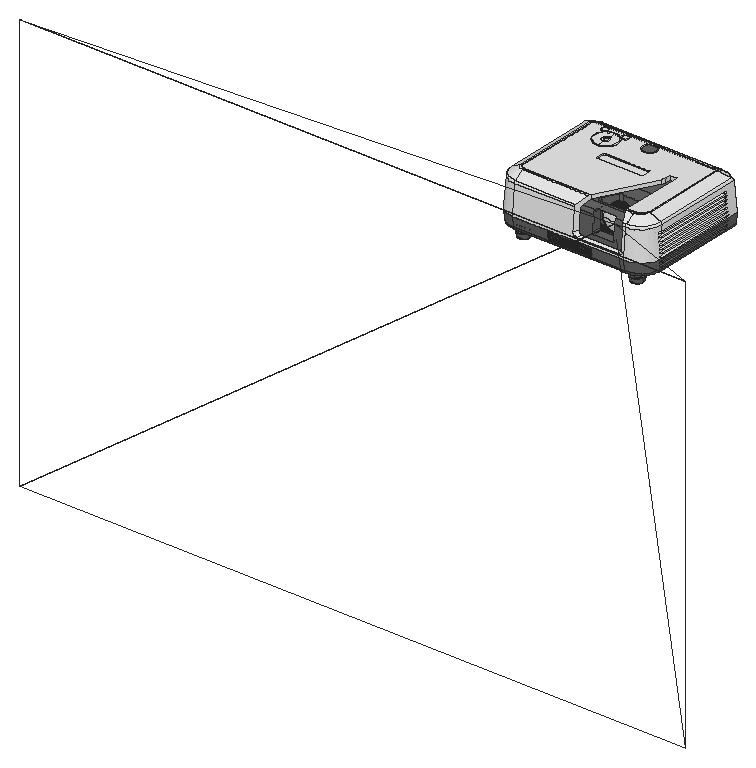
Revit family "Electronics_Visual Electronics_ViewSonic_LS700-HD-4K_Projector", category Electrical Equipment, Revit 2017 (continued)
Definition of nested family "Electronics_Visual Electronics_ViewSonic_LS700-4K_Projector"
  Forms (mm)
    Extrusion 2, void
      sketch origin (0, 0, 0) x (0, 1, 0) y (0, 0, 1)
        loop
          arc (110.125, 42.5) -> (113.125, 45.5) -> (110.125, 48.5) r 3
          line (110.125, 48.5) -> (-109.875, 48.5)
        loop
          arc (-109.875, 40.5) -> (-112.875, 37.5) -> (-109.875, 34.5) r 3
          line (-109.875, 34.5) -> (110.125, 34.5)
          arc (110.125, 34.5) -> (113.125, 37.5) -> (110.125, 40.5) r 3
          line (110.125, 40.5) -> (-109.875, 40.5)
      from -248.129 to 250
    Extrusion 3, solid, material <- "Covering Color", detail levels fine
      sketch origin (0, 0, 0) x (1, 0, 0) y (0, 1, 0)
        loop
          arc (98.91, 18.655) -> (100.815, 23.723) -> (101.463, 29.098) r 22.638
          line (101.463, 29.098) -> (101.463, 41.46)
          arc (101.463, 41.46) -> (101.756, 42.167) -> (102.463, 42.46) r 1
          line (102.463, 42.46) -> (118.47, 42.46)
          arc (118.47, 42.46) -> (119.177, 42.167) -> (119.47, 41.46) r 1
          line (119.47, 41.46) -> (119.47, -121.05) -> (141.941, -121.05)
          arc (141.941, -121.05) -> (156.342, -115.085) -> (162.307, -100.684) r 20.367
          line (162.307, -100.684) -> (162.307, 117.271) -> (156.348, 120.575) -> (-156.348, 120.575) -> (-162.307, 117.271) -> (-162.307, -106.684)
          arc (-162.307, -106.684) -> (-158.099, -116.842) -> (-147.941, -121.05) r 14.367
          line (-147.941, -121.05) -> (26.274, -121.05) -> (98.91, 18.655)
      from 146.4 to 156.786
    SweptBlend 4, void
      path origin (0, 0, 0) x (1, 0, 0) y (0, 1, 0)
        loop
          line (71.75, -119.085) -> (71.75, -164.085)
      profile origin (71.75, -119.085, 0) x (1, 0, 0) y (0, 0, 1)
        loop
          line (-44.226, 163.857) -> (-44.226, 87.188)
          arc (-44.226, 87.188) -> (-42.761, 83.652) -> (-39.226, 82.188) r 5
          line (-39.226, 82.188) -> (41.788, 82.188)
          arc (41.788, 82.188) -> (45.323, 83.652) -> (46.788, 87.188) r 5
          line (46.788, 87.188) -> (46.788, 163.857) -> (-44.226, 163.857)
      end profile origin (71.75, -164.085, 0) x (1, 0, 0) y (0, 0, 1)
        loop
          line (-44.055, 174.063) -> (-65.704, 148.262)
          arc (-65.704, 148.262) -> (-68.794, 142.801) -> (-69.721, 136.595) r 17.216
          line (-69.721, 136.595) -> (-67.635, 76.839)
          arc (-67.635, 76.839) -> (-64.587, 69.994) -> (-57.641, 67.188) r 10
          line (-57.641, 67.188) -> (58.146, 67.188)
          arc (58.146, 67.188) -> (65.217, 70.117) -> (68.146, 77.188) r 10
          line (68.146, 77.188) -> (68.146, 174.063) -> (-44.055, 174.063)
    Extrusion 5, solid, detail levels medium+fine
      sketch origin (0, 0, 0) x (0, 1, 0) y (0, 0, 1)
        loop
          arc (-137.524, 136.889) -> (-141.481, 133.068) -> (-143.181, 127.836) r 11.369
          line (-143.181, 127.836) -> (-147.861, 60.903) -> (-146.398, 39.972)
          arc (-146.398, 39.972) -> (-145.692, 37.801) -> (-144.051, 36.216) r 4.717
          line (-144.051, 36.216) -> (-129.691, 27.925) -> (118.95, 27.925) -> (118.95, 146.4) -> (-26.05, 146.4) -> (-121.05, 146.4) -> (-137.524, 136.889)
        loop
          line (-127.812, 60.903) -> (-73.41, 60.903) -> (-73.41, 126.441) -> (-123.23, 126.441) -> (-127.812, 60.903)
      from -153.533 to 148.354
    SweptBlend 6, void
      path origin (0, 0, 0) x (1, 0, 0) y (0, 1, 0)
        loop
          line (74.47, -110.372) -> (74.47, -160.372)
      profile origin (74.47, -110.372, 0) x (1, 0, 0) y (0, 0, 1)
        loop
          arc (-15.995, 136.838) -> (-19.53, 135.374) -> (-20.995, 131.838) r 5
          line (-20.995, 131.838) -> (-20.995, 91.838)
          arc (-20.995, 91.838) -> (-19.53, 88.302) -> (-15.995, 86.838) r 5
          line (-15.995, 86.838) -> (24.005, 86.838)
          arc (24.005, 86.838) -> (27.541, 88.302) -> (29.005, 91.838) r 5
          line (29.005, 91.838) -> (29.005, 131.838)
          arc (29.005, 131.838) -> (27.541, 135.374) -> (24.005, 136.838) r 5
          line (24.005, 136.838) -> (-15.995, 136.838)
      end profile origin (74.47, -160.372, 0) x (1, 0, 0) y (0, 0, 1)
        loop
          line (-21.348, 83.085) -> (28.652, 83.085)
          arc (28.652, 83.085) -> (32.187, 84.55) -> (33.652, 88.085) r 5
          line (33.652, 88.085) -> (33.652, 138.085)
          arc (33.652, 138.085) -> (32.187, 141.621) -> (28.652, 143.085) r 5
          line (28.652, 143.085) -> (-21.348, 143.085)
          arc (-21.348, 143.085) -> (-24.884, 141.621) -> (-26.348, 138.085) r 5
          line (-26.348, 138.085) -> (-26.348, 88.085)
          arc (-26.348, 88.085) -> (-24.884, 84.55) -> (-21.348, 83.085) r 5
    SweptBlend 7, void
      path origin (0, 0, 0) x (1, 0, 0) y (0, 0, 1)
        loop
          line (79, 81.872) -> (79, 158.609)
      profile origin (79, 0, 81.872) x (-1, 0, 0) y (0, -1, 0)
        loop
          arc (12.995, 73.41) -> (15.682, 74.193) -> (17.527, 76.297) r 5
          line (17.527, 76.297) -> (27.054, 96.729)
          arc (27.054, 96.729) -> (26.425, 106.328) -> (17.991, 110.955) r 10
          line (17.991, 110.955) -> (-20.409, 110.955)
          arc (-20.409, 110.955) -> (-23.945, 109.49) -> (-25.409, 105.955) r 5
          line (-25.409, 105.955) -> (-25.409, 78.41)
          arc (-25.409, 78.41) -> (-23.945, 74.874) -> (-20.409, 73.41) r 5
          line (-20.409, 73.41) -> (12.995, 73.41)
      end profile origin (79, 0, 158.609) x (-1, 0, 0) y (0, -1, 0)
        loop
          arc (13.651, 63.14) -> (18.355, 64.456) -> (21.693, 68.022) r 9.064
          line (21.693, 68.022) -> (41.6, 106.311)
          arc (41.6, 106.311) -> (41.366, 113.383) -> (35.2, 116.853) r 7.214
          line (35.2, 116.853) -> (-28.119, 116.853)
          arc (-28.119, 116.853) -> (-33.809, 114.496) -> (-36.165, 108.806) r 8.047
          line (-36.165, 108.806) -> (-36.165, 71.271)
          arc (-36.165, 71.271) -> (-33.784, 65.521) -> (-28.034, 63.14) r 8.132
          line (-28.034, 63.14) -> (13.651, 63.14)
    Revolve 8, solid, material <- "Covering Color", detail levels medium+fine
      sketch origin (-6096, -112.875, 111.797) x (0, 1, 0) y (-1, 0, 0)
        loop
          line (39.465, -6175) -> (-4.93, -6175)
          arc (-4.93, -6175) -> (-3.621, -6188.248) -> (0.257, -6200.982) r 67.662
          line (0.257, -6200.982) -> (1.817, -6200.982) -> (1.817, -6205.553) -> (2.783, -6205.22) -> (3.789, -6205.489) -> (4.791, -6205.202) -> (5.795, -6205.471) -> (6.786, -6205.187) -> (7.793, -6205.475) -> (8.788, -6205.19) -> (9.792, -6205.478) -> (10.788, -6205.193) -> (11.792, -6205.481) -> (12.789, -6205.195) -> (13.794, -6205.483) -> (14.79, -6205.197) -> (15.78, -6205.519) -> (16.777, -6205.156) -> (17.801, -6205.45) -> (18.784, -6205.186) -> (19.793, -6205.476) -> (20.837, -6205.196) -> (21.795, -6205.471) -> (22.792, -6205.204) -> (23.792, -6205.49) -> (24.89, -6205.196) -> (25.76, -6205.602) -> (26.798, -6205.224) -> (27.792, -6205.49) -> (28.803, -6205.122) -> (29.768, -6205.572) -> (30.791, -6205.2) -> (30.791, -6192.016) -> (39.465, -6192.016) -> (39.465, -6175)
        axis (-4.93, -6175) -> (39.465, -6175)
      angle from 0 to 360
    Extrusion 9, void
      sketch origin (0, 0, 0) x (1, 0, 0) y (0, 0, 1)
        loop
          circle (-56.003, 56.499) r 1.029
        loop
          circle (-52.003, 56.499) r 1.029
        loop
          circle (-48.003, 56.499) r 1.029
        loop
          circle (-44.003, 56.499) r 1.029
        loop
          circle (-40.003, 56.499) r 1.029
        loop
          circle (-36.003, 56.499) r 1.029
        loop
          circle (-32.003, 56.499) r 1.029
        loop
          circle (-28.003, 56.499) r 1.029
        loop
          circle (-24.003, 56.499) r 1.029
        loop
          circle (-20.003, 56.499) r 1.029
        loop
          circle (-16.003, 56.499) r 1.029
        loop
          circle (-12.003, 56.499) r 1.029
        loop
          circle (15.997, 56.499) r 1.029
        loop
          circle (19.997, 56.499) r 1.029
        loop
          circle (23.997, 56.499) r 1.029
        loop
          circle (27.997, 56.499) r 1.029
        loop
          circle (31.997, 56.499) r 1.029
        loop
          circle (35.997, 56.499) r 1.029
        loop
          circle (-8.003, 56.499) r 1.029
        loop
          circle (-4.003, 56.499) r 1.029
        loop
          circle (-0.003, 56.499) r 1.029
        loop
          circle (3.997, 56.499) r 1.029
        loop
          circle (7.997, 56.499) r 1.029
        loop
          circle (11.997, 56.499) r 1.029
        loop
          circle (39.997, 56.499) r 1.029
        loop
          circle (43.997, 56.499) r 1.029
        loop
          circle (47.997, 56.499) r 1.029
        loop
          circle (51.997, 56.499) r 1.029
        loop
          circle (55.997, 56.499) r 1.029
        loop
          circle (-56.003, 52.499) r 1.029
        loop
          circle (-52.003, 52.499) r 1.029
        loop
          circle (-48.003, 52.499) r 1.029
        loop
          circle (-44.003, 52.499) r 1.029
        loop
          circle (-40.003, 52.499) r 1.029
        loop
          circle (-36.003, 52.499) r 1.029
        loop
          circle (-32.003, 52.499) r 1.029
        loop
          circle (-28.003, 52.499) r 1.029
        loop
          circle (-24.003, 52.499) r 1.029
        loop
          circle (-20.003, 52.499) r 1.029
        loop
          circle (-16.003, 52.499) r 1.029
        loop
          circle (-12.003, 52.499) r 1.029
        loop
          circle (15.997, 52.499) r 1.029
        loop
          circle (19.997, 52.499) r 1.029
        loop
          circle (23.997, 52.499) r 1.029
        loop
          circle (27.997, 52.499) r 1.029
        loop
          circle (31.997, 52.499) r 1.029
        loop
          circle (35.997, 52.499) r 1.029
        loop
          circle (-8.003, 52.499) r 1.029
        loop
          circle (-4.003, 52.499) r 1.029
        loop
          circle (-0.003, 52.499) r 1.029
        loop
          circle (3.997, 52.499) r 1.029
        loop
          circle (7.997, 52.499) r 1.029
        loop
          circle (11.997, 52.499) r 1.029
        loop
          circle (39.997, 52.499) r 1.029
        loop
          circle (43.997, 52.499) r 1.029
        loop
          circle (47.997, 52.499) r 1.029
        loop
          circle (51.997, 52.499) r 1.029
        loop
          circle (55.997, 52.499) r 1.029
        loop
          circle (-56.003, 48.499) r 1.029
        loop
          circle (-52.003, 48.499) r 1.029
        loop
          circle (-48.003, 48.499) r 1.029
        loop
          circle (-44.003, 48.499) r 1.029
        loop
          circle (-40.003, 48.499) r 1.029
        loop
          circle (-36.003, 48.499) r 1.029
        loop
          circle (-32.003, 48.499) r 1.029
        loop
          circle (-28.003, 48.499) r 1.029
        loop
          circle (-24.003, 48.499) r 1.029
        loop
          circle (-20.003, 48.499) r 1.029
        loop
          circle (-16.003, 48.499) r 1.029
        loop
          circle (-12.003, 48.499) r 1.029
        loop
          circle (15.997, 48.499) r 1.029
        loop
          circle (19.997, 48.499) r 1.029
        loop
          circle (23.997, 48.499) r 1.029
        loop
          circle (27.997, 48.499) r 1.029
        loop
          circle (31.997, 48.499) r 1.029
        loop
          circle (35.997, 48.499) r 1.029
        loop
          circle (-8.003, 48.499) r 1.029
        loop
          circle (-4.003, 48.499) r 1.029
        loop
          circle (-0.003, 48.499) r 1.029
        loop
          circle (3.997, 48.499) r 1.029
        loop
          circle (7.997, 48.499) r 1.029
        loop
          circle (11.997, 48.499) r 1.029
        loop
          circle (39.997, 48.499) r 1.029
        loop
          circle (43.997, 48.499) r 1.029
        loop
          circle (47.997, 48.499) r 1.029
        loop
          circle (51.997, 48.499) r 1.029
        loop
          circle (55.997, 48.499) r 1.029
        loop
          circle (-56.003, 44.499) r 1.029
        loop
          circle (-52.003, 44.499) r 1.029
        loop
          circle (-48.003, 44.499) r 1.029
        loop
          circle (-44.003, 44.499) r 1.029
        loop
          circle (-40.003, 44.499) r 1.029
        loop
          circle (-36.003, 44.499) r 1.029
        loop
          circle (-32.003, 44.499) r 1.029
        loop
          circle (-28.003, 44.499) r 1.029
        loop
          circle (-24.003, 44.499) r 1.029
        loop
          circle (-20.003, 44.499) r 1.029
        loop
          circle (-16.003, 44.499) r 1.029
        loop
          circle (-12.003, 44.499) r 1.029
        loop
          circle (15.997, 44.499) r 1.029
        loop
          circle (19.997, 44.499) r 1.029
        loop
          circle (23.997, 44.499) r 1.029
        loop
          circle (27.997, 44.499) r 1.029
        loop
          circle (31.997, 44.499) r 1.029
        loop
          circle (35.997, 44.499) r 1.029
        loop
          circle (-8.003, 44.499) r 1.029
        loop
          circle (-4.003, 44.499) r 1.029
        loop
          circle (-0.003, 44.499) r 1.029
        loop
          circle (3.997, 44.499) r 1.029
        loop
          circle (7.997, 44.499) r 1.029
        loop
          circle (11.997, 44.499) r 1.029
        loop
          circle (39.997, 44.499) r 1.029
        loop
          circle (43.997, 44.499) r 1.029
        loop
          circle (47.997, 44.499) r 1.029
        loop
          circle (51.997, 44.499) r 1.029
        loop
          circle (55.997, 44.499) r 1.029
        loop
          circle (-56.003, 40.499) r 1.029
        loop
          circle (-52.003, 40.499) r 1.029
        loop
          circle (-48.003, 40.499) r 1.029
        loop
          circle (-44.003, 40.499) r 1.029
        loop
          circle (-40.003, 40.499) r 1.029
        loop
          circle (-36.003, 40.499) r 1.029
        loop
          circle (-32.003, 40.499) r 1.029
        loop
          circle (-28.003, 40.499) r 1.029
        loop
          circle (-24.003, 40.499) r 1.029
        loop
          circle (-20.003, 40.499) r 1.029
        loop
          circle (-16.003, 40.499) r 1.029
        loop
          circle (-12.003, 40.499) r 1.029
        loop
          circle (15.997, 40.499) r 1.029
        loop
          circle (19.997, 40.499) r 1.029
        loop
          circle (23.997, 40.499) r 1.029
        loop
          circle (27.997, 40.499) r 1.029
        loop
          circle (31.997, 40.499) r 1.029
        loop
          circle (35.997, 40.499) r 1.029
        loop
          circle (-8.003, 40.499) r 1.029
        loop
          circle (-4.003, 40.499) r 1.029
        loop
          circle (-0.003, 40.499) r 1.029
        loop
          circle (3.997, 40.499) r 1.029
        loop
          circle (7.997, 40.499) r 1.029
        loop
          circle (11.997, 40.499) r 1.029
        loop
          circle (39.997, 40.499) r 1.029
        loop
          circle (43.997, 40.499) r 1.029
        loop
          circle (47.997, 40.499) r 1.029
        loop
          circle (51.997, 40.499) r 1.029
        loop
          circle (55.997, 40.499) r 1.029
        loop
          circle (-56.003, 36.499) r 1.029
        loop
          circle (-52.003, 36.499) r 1.029
        loop
          circle (-48.003, 36.499) r 1.029
        loop
          circle (-44.003, 36.499) r 1.029
        loop
          circle (-40.003, 36.499) r 1.029
        loop
          circle (-36.003, 36.499) r 1.029
        loop
          circle (-32.003, 36.499) r 1.029
        loop
          circle (-28.003, 36.499) r 1.029
        loop
          circle (-24.003, 36.499) r 1.029
        loop
          circle (-20.003, 36.499) r 1.029
        loop
          circle (-16.003, 36.499) r 1.029
        loop
          circle (-12.003, 36.499) r 1.029
        loop
          circle (15.997, 36.499) r 1.029
        loop
          circle (19.997, 36.499) r 1.029
        loop
          circle (23.997, 36.499) r 1.029
        loop
          circle (27.997, 36.499) r 1.029
        loop
          circle (31.997, 36.499) r 1.029
        loop
          circle (35.997, 36.499) r 1.029
        loop
          circle (-8.003, 36.499) r 1.029
        loop
          circle (-4.003, 36.499) r 1.029
        loop
          circle (-0.003, 36.499) r 1.029
        loop
          circle (3.997, 36.499) r 1.029
        loop
          circle (7.997, 36.499) r 1.029
        loop
          circle (11.997, 36.499) r 1.029
        loop
          circle (39.997, 36.499) r 1.029
        loop
          circle (43.997, 36.499) r 1.029
        loop
          circle (47.997, 36.499) r 1.029
        loop
          circle (51.997, 36.499) r 1.029
        loop
          circle (55.997, 36.499) r 1.029
      from 21.709 to 192.423
    Extrusion 10, solid, detail levels fine
      sketch origin (0, 0, 0) x (1, 0, 0) y (0, 1, 0)
        loop
          line (170.948, -100.684) -> (170.948, 122.361) -> (158.583, 129.215) -> (-147.005, 129.215) -> (-158.583, 129.215) -> (-170.948, 122.361) -> (-170.948, -106.684)
          arc (-170.948, -106.684) -> (-164.209, -122.952) -> (-147.941, -129.691) r 23.007
          line (-147.941, -129.691) -> (141.941, -129.691)
          arc (141.941, -129.691) -> (162.452, -121.195) -> (170.948, -100.684) r 29.007
      from 17.525 to 27.925
    Extrusion 11, solid, material <- "Covering Color", detail levels fine
      sketch origin (0, 0, 0) x (0, 1, 0) y (0, 0, 1)
        loop
          line (157.41, 60.903) -> (152.178, 135.72)
          arc (152.178, 135.72) -> (151.308, 138.847) -> (149.282, 141.382) r 8.107
          spline (149.282, 141.382) -> (147.246, 142.639) -> (145.205, 143.885) -> (143.158, 145.122) -> (141.104, 146.349) -> (139.045, 147.566) -> (136.98, 148.774) -> (134.91, 149.971) -> (132.833, 151.158) -> (130.751, 152.335) -> (128.663, 153.503) -> (126.57, 154.66) -> (124.471, 155.807)
          arc (124.471, 155.807) -> (122.584, 156.541) -> (120.575, 156.786) r 8.146
          line (120.575, 156.786) -> (120.575, 17.525) -> (129.215, 17.525)
          arc (129.215, 17.525) -> (131.006, 17.702) -> (132.676, 18.373) r 6.347
          line (132.676, 18.373) -> (151.807, 29.452)
          arc (151.807, 29.452) -> (154.488, 32.046) -> (155.64, 35.595) r 7.721
          line (155.64, 35.595) -> (157.41, 60.903)
      from -147.005 to 147.005
    Extrusion 12, void
      sketch origin (0, 0, 0) x (1, 0, 0) y (0, 0, 1)
        loop
          line (147.005, 20.625) -> (147.005, 130.931)
          arc (147.005, 130.931) -> (145, 135.773) -> (140.158, 137.778) r 6.847
          line (140.158, 137.778) -> (-139.917, 137.778)
          arc (-139.917, 137.778) -> (-144.929, 135.702) -> (-147.005, 130.69) r 7.089
          line (-147.005, 130.69) -> (-147.005, 20.625) -> (147.005, 20.625)
      from -331.007 to -135.825
    Extrusion 13, solid, detail levels fine
      sketch origin (0, 0, 0) x (0, 1, 0) y (0, 0, 1)
        loop
          line (147.386, 60.903) -> (142.707, 127.815)
          arc (142.707, 127.815) -> (141.001, 133.065) -> (137.03, 136.9) r 11.41
          line (137.03, 136.9) -> (120.575, 146.4) -> (120.575, 27.925) -> (129.215, 27.925) -> (143.452, 36.169)
          arc (143.452, 36.169) -> (145.188, 37.849) -> (145.934, 40.147) r 5
          line (145.934, 40.147) -> (147.386, 60.903)
      from 147.005 to 162.307
    Extrusion 14, solid, detail levels fine
      sketch origin (0, 0, 0) x (0, 1, 0) y (0, 0, -1)
        loop
          line (147.386, -60.903) -> (145.934, -40.147)
          arc (145.934, -40.147) -> (145.188, -37.849) -> (143.452, -36.169) r 5
          line (143.452, -36.169) -> (129.215, -27.925) -> (120.575, -27.925) -> (120.575, -146.4) -> (137.03, -136.9)
          arc (137.03, -136.9) -> (141.001, -133.065) -> (142.707, -127.815) r 11.41
          line (142.707, -127.815) -> (147.386, -60.903)
      from 147.005 to 162.307
    Revolve 15, solid, detail levels fine
      sketch origin (-6096, -121.875, 13.244) x (0, 0, 1) y (-1, 0, 0)
        loop
          line (-13.244, -5948.021) -> (4.281, -5948.021) -> (4.281, -5940.021) -> (-1.744, -5940.021) -> (-1.744, -5931.899) -> (-2.576, -5931.067) -> (-11.519, -5932.007) -> (-12.244, -5932.733) -> (-12.244, -5934.121) -> (-13.244, -5934.121) -> (-13.244, -5948.021)
        axis (4.281, -5948.021) -> (-13.244, -5948.021)
      angle from 0 to 360
    Revolve 16, solid, detail levels fine
      sketch origin (6096, -121.875, 13.244) x (0, 0, 1) y (-1, 0, 0)
        loop
          line (-13.244, 5948.021) -> (-13.244, 5934.121) -> (-12.244, 5934.121) -> (-12.244, 5932.733) -> (-11.519, 5932.007) -> (-2.576, 5931.067) -> (-1.744, 5931.899) -> (-1.744, 5940.021) -> (4.281, 5940.021) -> (4.281, 5948.021) -> (-13.244, 5948.021)
        axis (4.281, 5948.021) -> (-13.244, 5948.021)
      angle from 0 to 360
    Revolve 17, solid, detail levels fine
      sketch origin (-6096, 118.236, 0) x (0, 0, 1) y (-1, 0, 0)
        loop
          line (17.525, -5969.418) -> (4.057, -5970.588) -> (4.057, -5971.894)
          arc (4.057, -5971.894) -> (1.202, -5976.078) -> (0, -5981) r 14.179
          line (0, -5981) -> (17.525, -5981) -> (17.525, -5969.418)
        axis (17.525, -5981) -> (0, -5981)
      angle from 0 to 360
    Revolve 18, solid, detail levels fine
      sketch origin (6096, 118.236, 0) x (0, 0, 1) y (-1, 0, 0)
        loop
          line (17.525, 5969.418) -> (17.525, 5981) -> (0, 5981)
          arc (0, 5981) -> (1.202, 5976.078) -> (4.057, 5971.894) r 14.179
          line (4.057, 5971.894) -> (4.057, 5970.588) -> (17.525, 5969.418)
        axis (17.525, 5981) -> (0, 5981)
      angle from 0 to 360
    Extrusion 19, void
      sketch origin (0, 0, 0) x (1, 0, 0) y (0, 1, 0)
        loop
          line (56.306, 31.628) -> (-56.686, 31.628)
          arc (-56.686, 31.628) -> (-59.727, 30.369) -> (-60.986, 27.328) r 4.3
          line (-60.986, 27.328) -> (-60.986, 9.58)
          arc (-60.986, 9.58) -> (-59.727, 6.539) -> (-56.686, 5.28) r 4.3
          line (-56.686, 5.28) -> (56.306, 5.28)
          arc (56.306, 5.28) -> (59.346, 6.539) -> (60.606, 9.58) r 4.3
          line (60.606, 9.58) -> (60.606, 27.328)
          arc (60.606, 27.328) -> (59.346, 30.369) -> (56.306, 31.628) r 4.3
      from 154.402 to 250
    Extrusion 20, void
      sketch origin (0, 0, 0) x (1, 0, 0) y (0, 1, 0)
        loop
          circle (-95, 78.625) r 30.75
        loop
          circle (-122, 109.479) r 9
        loop
          circle (-68, 109.479) r 9
        loop
          arc (18.173, 102.625) -> (16.446, 111.42) -> (10.731, 118.325) r 18.2
          line (10.731, 118.325) -> (-10.731, 118.325)
          arc (-10.731, 118.325) -> (-16.446, 111.42) -> (-18.172, 102.625) r 18.2
          arc (-18.172, 102.625) -> (0, 85.425) -> (18.173, 102.625) r 18.2
      from 141.382 to 250
    Revolve 21, solid, material <- "Covering Color", detail levels fine
      sketch origin (-94.6, 74.556, 1200) x (0, -1, 0) y (0, 0, 1)
        loop
          line (-4.618, -1043.214) -> (-4.618, -1058.618) -> (25.432, -1058.618) -> (25.432, -1044.116)
          arc (25.432, -1044.116) -> (25.126, -1043.397) -> (24.397, -1043.117) r 1
          line (24.397, -1043.117) -> (5.772, -1043.767) -> (5.772, -1045.472) -> (3.692, -1045.472) -> (3.692, -1044.014)
          arc (3.692, -1044.014) -> (3.458, -1043.448) -> (2.892, -1043.214) r 0.8
          line (2.892, -1043.214) -> (-4.618, -1043.214)
        axis (-4.618, -1058.618) -> (-4.618, -1043.117)
      angle from 0 to 360
    Extrusion 22, solid, material <- "Covering Color", detail levels fine
      sketch origin (0, 0, 0) x (1, 0, 0) y (0, 1, 0)
        loop
          circle (-68, 109.479) r 8
        loop
          circle (-122, 109.479) r 8
      from 149.829 to 156.786
    Extrusion 23, solid, detail levels fine
      sketch origin (0, 0, 0) x (1, 0, 0) y (0, 1, 0)
        loop
          arc (-17.174, 102.68) -> (0, 86.425) -> (17.174, 102.68) r 17.2
          arc (17.174, 102.68) -> (15.611, 110.846) -> (10.4, 117.325) r 17.2
          line (10.4, 117.325) -> (-10.399, 117.325)
          arc (-10.399, 117.325) -> (-15.611, 110.846) -> (-17.174, 102.68) r 17.2
      from 141.382 to 156.786
    Sweep 24, solid, material <- "Covering Color", detail levels medium
      path origin (0, 0, 0) x (1, 0, 0) y (0, 1, 0)
        loop
          line (147.005, 130.208) -> (158.839, 130.208) -> (171.941, 122.946) -> (171.941, -100.684)
          arc (171.941, -100.684) -> (163.154, -121.897) -> (141.941, -130.684) r 30
          line (141.941, -130.684) -> (-147.941, -130.684)
          arc (-147.941, -130.684) -> (-164.911, -123.654) -> (-171.941, -106.684) r 24
          line (-171.941, -106.684) -> (-171.941, 122.946) -> (-158.839, 130.208) -> (-147.005, 130.208)
      profile origin (-171.941, 122.946, 0) x (-1, 0, 0) y (0, 0, 1)
        loop
          line (-7.548, 156.786) -> (-9.633, 156.786) -> (-9.633, 146.4) -> (12.076, 133.866) -> (17.178, 60.903) -> (27.202, 60.903) -> (21.689, 139.748)
          spline (21.689, 139.748) -> (19.297, 141.243) -> (16.897, 142.725) -> (14.489, 144.193) -> (12.073, 145.648) -> (9.648, 147.089) -> (7.215, 148.516) -> (4.774, 149.929) -> (2.325, 151.328) -> (-0.131, 152.714) -> (-2.596, 154.085) -> (-5.068, 155.443) -> (-7.548, 156.786)
        loop
          line (27.187, 60.682) -> (17.162, 60.682) -> (15.541, 37.499) -> (-0.993, 27.925) -> (-0.993, 16.37) -> (25.146, 31.506) -> (27.187, 60.682)
    Extrusion 25, solid, material <- "Covering Color", detail levels medium
      sketch origin (0, 0, 0) x (1, 0, 0) y (0, 1, 0)
        loop
          arc (98.91, 18.655) -> (100.815, 23.723) -> (101.463, 29.098) r 22.638
          line (101.463, 29.098) -> (101.463, 41.46)
          arc (101.463, 41.46) -> (101.756, 42.167) -> (102.463, 42.46) r 1
          line (102.463, 42.46) -> (118.47, 42.46)
          arc (118.47, 42.46) -> (119.177, 42.167) -> (119.47, 41.46) r 1
          line (119.47, 41.46) -> (119.47, -121.05) -> (141.941, -121.05)
          arc (141.941, -121.05) -> (156.342, -115.085) -> (162.307, -100.684) r 20.367
          line (162.307, -100.684) -> (162.307, 117.271) -> (156.348, 120.575) -> (-156.348, 120.575) -> (-162.307, 117.271) -> (-162.307, -106.684)
          arc (-162.307, -106.684) -> (-158.099, -116.842) -> (-147.941, -121.05) r 14.367
          line (-147.941, -121.05) -> (26.274, -121.05) -> (98.91, 18.655)
      from 146.4 to 156.786
    SweptBlend 26, void
      path origin (0, 0, 0) x (1, 0, 0) y (0, 1, 0)
        loop
          line (71.75, -119.085) -> (71.75, -164.085)
      profile origin (71.75, -119.085, 0) x (1, 0, 0) y (0, 0, 1)
        loop
          line (-44.226, 163.857) -> (-44.226, 87.188)
          arc (-44.226, 87.188) -> (-42.761, 83.652) -> (-39.226, 82.188) r 5
          line (-39.226, 82.188) -> (41.788, 82.188)
          arc (41.788, 82.188) -> (45.323, 83.652) -> (46.788, 87.188) r 5
          line (46.788, 87.188) -> (46.788, 163.857) -> (-44.226, 163.857)
      end profile origin (71.75, -164.085, 0) x (1, 0, 0) y (0, 0, 1)
        loop
          line (-44.055, 174.063) -> (-65.704, 148.262)
          arc (-65.704, 148.262) -> (-68.794, 142.801) -> (-69.721, 136.595) r 17.216
          line (-69.721, 136.595) -> (-67.635, 76.839)
          arc (-67.635, 76.839) -> (-64.587, 69.994) -> (-57.641, 67.188) r 10
          line (-57.641, 67.188) -> (58.146, 67.188)
          arc (58.146, 67.188) -> (65.217, 70.117) -> (68.146, 77.188) r 10
          line (68.146, 77.188) -> (68.146, 174.063) -> (-44.055, 174.063)
    Extrusion 27, solid, material <- "Covering Color", detail levels coarse+medium
      sketch origin (0, 0, 0) x (0, 1, 0) y (0, 0, 1)
        loop
          line (120.575, 156.786) -> (120.575, 146.4) -> (142.283, 133.866) -> (147.386, 60.903) -> (145.749, 37.499) -> (129.215, 27.925) -> (129.215, 16.37) -> (155.354, 31.506) -> (157.41, 60.903) -> (151.897, 139.748)
          spline (151.897, 139.748) -> (149.505, 141.243) -> (147.105, 142.725) -> (144.697, 144.193) -> (142.281, 145.648) -> (139.856, 147.089) -> (137.423, 148.516) -> (134.982, 149.929) -> (132.533, 151.328) -> (130.076, 152.714) -> (127.612, 154.085) -> (125.139, 155.443) -> (122.659, 156.786)
          line (122.659, 156.786) -> (120.575, 156.786)
      from -147.005 to 147.005
    Extrusion 28, solid, detail levels medium
      sketch origin (-500, 0, 0) x (1, 0, 0) y (0, 1, 0)
        loop
          line (658.583, 129.215) -> (341.417, 129.215) -> (329.052, 122.361) -> (329.052, -115.324)
          arc (329.052, -115.324) -> (333.26, -125.483) -> (343.419, -129.691) r 14.367
          line (343.419, -129.691) -> (650.581, -129.691)
          arc (650.581, -129.691) -> (664.983, -123.726) -> (670.948, -109.324) r 20.367
          line (670.948, -109.324) -> (670.948, 122.361) -> (658.583, 129.215)
      from 16.37 to 31.506
    Revolve 29, solid, detail levels coarse+medium
      sketch origin (-6096, -121.875, 13.244) x (0, 0, 1) y (-1, 0, 0)
        loop
          line (-13.244, -5948.021) -> (4.281, -5948.021) -> (4.281, -5940.021) -> (-1.744, -5940.021) -> (-1.744, -5930.98) -> (-13.244, -5932.189) -> (-13.244, -5948.021)
        axis (4.281, -5948.021) -> (-13.244, -5948.021)
      angle from 0 to 360
    Revolve 30, solid, detail levels coarse+medium
      sketch origin (6096, -121.875, 13.244) x (0, 0, 1) y (-1, 0, 0)
        loop
          line (-13.244, 5948.021) -> (-13.244, 5932.189) -> (-1.744, 5930.98) -> (-1.744, 5940.021) -> (4.281, 5940.021) -> (4.281, 5948.021) -> (-13.244, 5948.021)
        axis (4.281, 5948.021) -> (-13.244, 5948.021)
      angle from 0 to 360
    Revolve 31, solid, detail levels coarse+medium
      sketch origin (-6096, 118.236, 0) x (0, 0, 1) y (-1, 0, 0)
        loop
          line (17.525, -5969.418) -> (0, -5970.94) -> (0, -5981) -> (17.525, -5981) -> (17.525, -5969.418)
        axis (17.525, -5981) -> (0, -5981)
      angle from 0 to 360
    Revolve 32, solid, detail levels coarse+medium
      sketch origin (6096, 118.236, 0) x (0, 0, 1) y (-1, 0, 0)
        loop
          line (17.525, 5969.418) -> (17.525, 5981) -> (0, 5981) -> (0, 5970.94) -> (17.525, 5969.418)
        axis (17.525, 5981) -> (0, 5981)
      angle from 0 to 360
    Extrusion 33, void
      sketch origin (0, 0, 0) x (1, 0, 0) y (0, 0, 1)
        loop
          line (147.005, 130.931) -> (-147.005, 130.931) -> (-147.005, 0) -> (147.005, 0) -> (147.005, 130.931)
      from -392.927 to 95.074
    Extrusion 34, solid, detail levels coarse+medium
      sketch origin (0, 0, 0) x (0, 1, 0) y (0, 0, 1)
        loop
          line (120.575, 146.4) -> (120.575, 27.925) -> (129.215, 27.925) -> (145.749, 37.499) -> (147.386, 60.903) -> (142.283, 133.866) -> (120.575, 146.4)
      from 147.005 to 162.307
    Extrusion 35, solid, detail levels coarse+medium
      sketch origin (0, 0, 0) x (0, 1, 0) y (0, 0, -1)
        loop
          line (120.575, -146.4) -> (142.283, -133.866) -> (147.386, -60.903) -> (145.749, -37.499) -> (129.215, -27.925) -> (120.575, -27.925) -> (120.575, -146.4)
      from 147.005 to 162.307
    Extrusion 36, solid, material <- "Covering Color", detail levels coarse+medium
      sketch origin (0, 0, 0) x (1, 0, 0) y (0, 0, 1)
        loop
          circle (79.186, 111.797) r 30.5
      from 0 to 112.618
    Sweep 37, solid, material <- "Covering Color", detail levels coarse
      path origin (0, 0, 0) x (1, 0, 0) y (0, 1, 0)
        loop
          line (147.005, 130.208) -> (158.839, 130.208) -> (171.941, 122.946) -> (171.941, -100.684)
          arc (171.941, -100.684) -> (163.154, -121.897) -> (141.941, -130.684) r 30
          line (141.941, -130.684) -> (-147.941, -130.684)
          arc (-147.941, -130.684) -> (-164.911, -123.654) -> (-171.941, -106.684) r 24
          line (-171.941, -106.684) -> (-171.941, 122.946) -> (-158.839, 130.208) -> (-147.005, 130.208)
      profile origin (-171.941, 122.946, 0) x (-1, 0, 0) y (0, 0, 1)
        loop
          line (-7.548, 156.786) -> (-9.633, 156.786) -> (-9.633, 146.4) -> (12.076, 133.866) -> (17.178, 60.903) -> (27.202, 60.903) -> (21.689, 139.748)
          spline (21.689, 139.748) -> (19.297, 141.243) -> (16.897, 142.725) -> (14.489, 144.193) -> (12.073, 145.648) -> (9.648, 147.089) -> (7.215, 148.516) -> (4.774, 149.929) -> (2.325, 151.328) -> (-0.131, 152.714) -> (-2.596, 154.085) -> (-5.068, 155.443) -> (-7.548, 156.786)
        loop
          line (27.187, 60.682) -> (17.162, 60.682) -> (15.541, 37.499) -> (-0.993, 27.925) -> (-0.993, 16.37) -> (25.146, 31.506) -> (27.187, 60.682)
    Blend 38, solid, material <- "Covering Color", detail levels coarse
      base sketch origin (-365, 0, 0) x (1, 0, 0) y (0, 1, 0)
        loop
          line (535.948, 122.361) -> (523.583, 129.215) -> (206.417, 129.215) -> (194.052, 122.361) -> (194.052, -106.684)
          arc (194.052, -106.684) -> (200.791, -122.952) -> (217.059, -129.691) r 23.007
          line (217.059, -129.691) -> (506.941, -129.691)
          arc (506.941, -129.691) -> (527.452, -121.195) -> (535.948, -100.684) r 29.007
          line (535.948, -100.684) -> (535.948, 122.361)
      top sketch origin (-365, 0, 0) x (1, 0, 0) y (0, 1, 0)
        loop
          arc (506.941, -121.05) -> (521.342, -115.085) -> (527.307, -100.684) r 20.367
          line (527.307, -100.684) -> (527.307, 117.271) -> (521.348, 120.575) -> (208.652, 120.575) -> (202.693, 117.271) -> (202.693, -106.684)
          arc (202.693, -106.684) -> (206.901, -116.842) -> (217.059, -121.05) r 14.367
          line (217.059, -121.05) -> (506.941, -121.05)
      from 16.37 to 156.786
    Extrusion 39, solid, not visible
      sketch origin (0, 0, 0) x (1, 0, 0) y (0, 0, 1)
        loop
          line (117.48, 122.324) -> (107.48, 122.324) -> (107.48, 114.064) -> (117.48, 114.064) -> (117.48, 122.324)
        loop
          line (97.48, 122.324) -> (87.48, 122.324) -> (87.48, 114.064) -> (97.48, 114.064) -> (97.48, 122.324)
      from -142.283 to -135.825
  Cuts and joins
    Extrusion 2, SweptBlend 4, Extrusion 9, Extrusion 12, SweptBlend 26, Extrusion 33 cuts Sweep 1
    Extrusion 2, Extrusion 19, Extrusion 20 cuts Extrusion 3
    SweptBlend 6, SweptBlend 7, Extrusion 9, Extrusion 19, Extrusion 20 cuts Extrusion 5
    Extrusion 12 cuts Revolve 8
    Extrusion 12, Extrusion 19, Extrusion 20 cuts Extrusion 10
    Extrusion 12, Extrusion 20 cuts Extrusion 11
    SweptBlend 26, Extrusion 33 cuts Sweep 24
    Extrusion 33 cuts Revolve 15
    Extrusion 33 cuts Revolve 16
    Extrusion 33 cuts Revolve 29
    Extrusion 33 cuts Revolve 30
    Extrusion 33 cuts Extrusion 27
  Lines and regions (mm)
    Masking region 1
      outline origin (0, 0, 0) x (1, 0, 0) y (0, 1, 0)
        loop
          line (-147.005, 157.41) -> (-165.874, 157.41) -> (-199.143, 138.969) -> (-199.143, -109.955)
          arc (-199.143, -109.955) -> (-182.971, -143.994) -> (-147.941, -157.886) r 51.461
          line (-147.941, -157.886) -> (147.941, -157.886)
          arc (147.941, -157.886) -> (182.971, -143.994) -> (199.143, -109.955) r 51.461
          line (199.143, -109.955) -> (199.143, 138.969) -> (165.874, 157.41) -> (147.005, 157.41) -> (147.005, 152.513) -> (-147.005, 152.513) -> (-147.005, 157.41)
    symbolic lines, detail levels medium+fine
      curve 1: line (136.954, -157.886, 0) -> (119.47, -121.05, 0)
      curve 2: line (119.47, -121.05, 0) -> (119.47, 42.46, 0)
      curve 3: line (101.463, 42.46, 0) -> (119.47, 42.46, 0)
      curve 4: line (101.463, 42.46, 0) -> (101.463, 29.098, 0)
      curve 5: arc (98.91, 18.655, 0) -> (100.815, 23.723, 0) -> (101.463, 29.098, 0) r 22.638
      curve 6: line (7.241, -157.657, 0) -> (98.91, 18.655, 0)
      curve 17: line (-147.005, 152.53, 0) -> (-147.005, 120.575, 0)
      curve 18: line (-147.005, 120.575, 0) -> (-156.348, 120.575, 0)
      curve 19: line (-156.348, 120.575, 0) -> (-162.307, 117.271, 0)
      curve 20: line (-162.307, 117.271, 0) -> (-162.307, -106.684, 0)
      curve 21: arc (-147.941, -121.05, 0) -> (-158.099, -116.842, 0) -> (-162.307, -106.684, 0) r 14.367
      curve 22: line (-147.941, -121.05, 0) -> (26.274, -121.05, 0)
      curve 23: arc (162.307, -100.684, 0) -> (156.342, -115.085, 0) -> (141.941, -121.05, 0) r 20.367
      curve 24: line (162.307, -100.684, 0) -> (162.307, 117.271, 0)
      curve 25: line (162.307, 117.271, 0) -> (156.348, 120.575, 0)
      curve 26: line (156.348, 120.575, 0) -> (147.005, 120.575, 0)
      curve 27: line (147.005, 120.575, 0) -> (147.005, 152.513, 0)
      curve 28: line (119.47, -121.05, 0) -> (141.941, -121.05, 0)
    symbolic lines, detail levels fine
      curve 7: arc (-18.172, 102.625, 0) -> (0, 85.425, 0) -> (18.173, 102.625, 0) r 18.2
      curve 8: arc (18.173, 102.625, 0) -> (16.446, 111.42, 0) -> (10.731, 118.325, 0) r 18.2
      curve 9: line (10.731, 118.325, 0) -> (-10.731, 118.325, 0)
      curve 10: arc (-10.731, 118.325, 0) -> (-16.446, 111.42, 0) -> (-18.172, 102.625, 0) r 18.2
      curve 11: arc (-77, 109.479, 0) -> (-68, 100.479, 0) -> (-59, 109.479, 0) r 9
      curve 12: arc (-59, 109.479, 0) -> (-68, 118.479, 0) -> (-77, 109.479, 0) r 9
      curve 13: arc (-131, 109.479, 0) -> (-122, 100.479, 0) -> (-113, 109.479, 0) r 9
      curve 14: arc (-113, 109.479, 0) -> (-122, 118.479, 0) -> (-131, 109.479, 0) r 9
      curve 15: arc (-125.75, 78.625, 0) -> (-95, 47.875, 0) -> (-64.25, 78.625, 0) r 30.75
      curve 16: arc (-64.25, 78.625, 0) -> (-95, 109.375, 0) -> (-125.75, 78.625, 0) r 30.75
  Dimensions and locks
    locked: plane 3 "Center (Left/Right)" to plane 8 at 87.651
    aligned and locked: level to plane 2
Types (3, lengths in mm): name | URL | Throw Distance | Resolution Support | Projection System | Projection Distance | Product data url | Product Guid | Native Resolution | Model | LS700HD | LS7004K | Keystone | Input Lag | HDTV Compatibility | Description | Brightness
  (no name) | "https://www.viewsonic.com/us/ls700-4k.html" | "1.5-8.79m" | "VGA(640 x 480) to 4K(3840 x 2160)" | "0.47\" 4K-UHD" | 854.268 | "https://www.bimobject.com/viewsonic/product/viewsonic_ls700-4k_projector" | "0a2abd86-40ab-4542-9635-2b6c54f875b4" | "3840x2160" | "viewsonic_ls700-4k_projector" | no | yes | "+/- 40° (V)" | "66ms" | "480i, 480p, 576i, 576p, 720p, 1080i, 1080p,2160P" | "LS700-4K - 3840 x 2160 Resolution, 3,300 ANSI Lumens, 1.13-1.47 Throw Ratio\r\n\r\nCombining laser technology with 4K Ultra HD resolution and 3,300 lumens of high brightness, the LS700-4K projector delivers a premium home theater experience in any room, day or night. Utilizing the latest laser light technology that lasts up to 20,000 hours*, the LS700-4K delivers long-term enjoyment for movies, games, and other multimedia entertainment. Featuring HDR compatibility, exclusive SuperColor™ technology, and true Ultra HD 3840 x 2160 resolution, the LS700-4K delivers a breathtaking home cinema experience you expect to only get at the movie theater. With high brightness and room-filling sound, this projector provides bright visuals and immersive audio in nearly any room or environment. Set-up is a breeze too: 1.3x optical zoom and versatile connectivity options allow for more flexible mounting and easy installation. For an amazing home theater viewing experience with lifelike color and razor-sharp details, the LS700-4K delivers." | "3300 ANSI Lumens"
  LS700HD | "https://www.viewsonic.com/us/ls700hd.html" | "1.5-8.79m(100\"@2.5m)" | "VGA(640 x 480) to FullHD(1920 x 1080)" | "0.47\" 1080p" | 1969.648 | "https://www.bimobject.com/viewsonic/product/viewsonic_ls700-hd_projector" | "8b8e977e-1ffc-4b52-beb5-df921405dd62" | "1920x1080" | "viewsonic_ls700-hd_projector" | yes | no | "H:+/-40° , V:+/-40°" | "16ms" | "480i, 480p, 576i, 576p, 720p, 1080i, 1080p" | "LS700HD - 1920 x 1080 Resolution, 3,500 ANSI Lumens, 1.13-1.47 Throw Ratio With incredible Full HD resolution and a high brightness of 3,500 lumens, the ViewSonic® LS700HD laser projector delivers stunning home entertainment: day or night, in bright rooms or dark. Utilizing the latest laser light technology that lasts up to 20,000 hours, the LS700HD delivers long-term enjoyment for movies, games, and other multimedia entertainment. What’s more, with high brightness, SuperColor™ technology, and room-filling sound, this projector provides an incredibly immersive home theater experience in nearly any room or environment. Set-up is a breeze too: 1.3x optical zoom and versatile connectivity options allow for more flexible mounting and easy installation. For an amazing home theater viewing experience with lifelike color and razor-sharp details, the LS700HD delivers." | "3500 ANSI Lumens"
  LS700-4K | "https://www.viewsonic.com/us/ls700-4k.html" | "1.5-8.79m" | "VGA(640 x 480) to 4K(3840 x 2160)" | "0.47\" 4K-UHD" | 854.268 | "https://www.bimobject.com/viewsonic/product/viewsonic_ls700-4k_projector" | "0a2abd86-40ab-4542-9635-2b6c54f875b4" | "3840x2160" | "viewsonic_ls700-4k_projector" | no | yes | "+/- 40° (V)" | "66ms" | "480i, 480p, 576i, 576p, 720p, 1080i, 1080p,2160P" | "LS700-4K - 3840 x 2160 Resolution, 3,300 ANSI Lumens, 1.13-1.47 Throw Ratio\r\n\r\nCombining laser technology with 4K Ultra HD resolution and 3,300 lumens of high brightness, the LS700-4K projector delivers a premium home theater experience in any room, day or night. Utilizing the latest laser light technology that lasts up to 20,000 hours*, the LS700-4K delivers long-term enjoyment for movies, games, and other multimedia entertainment. Featuring HDR compatibility, exclusive SuperColor™ technology, and true Ultra HD 3840 x 2160 resolution, the LS700-4K delivers a breathtaking home cinema experience you expect to only get at the movie theater. With high brightness and room-filling sound, this projector provides bright visuals and immersive audio in nearly any room or environment. Set-up is a breeze too: 1.3x optical zoom and versatile connectivity options allow for more flexible mounting and easy installation. For an amazing home theater viewing experience with lifelike color and razor-sharp details, the LS700-4K delivers." | "3300 ANSI Lumens"
